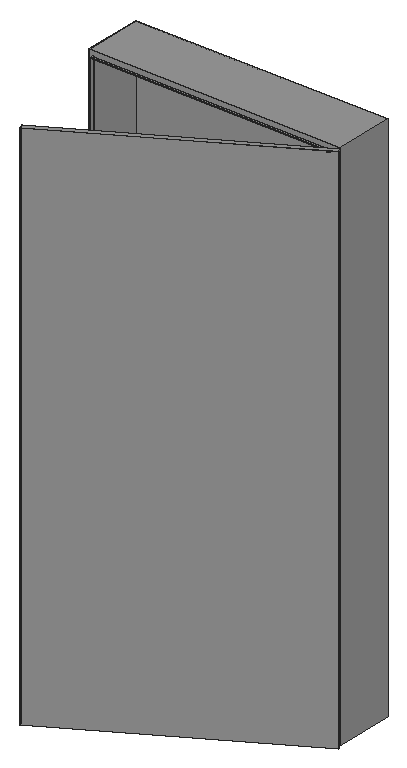
Revit family "Hager-Univers-IP44-D205-H1700-Cl.I-Encl-NoHosted-AT-de", category Equipement électrique, Revit 2020
Family settings
  Configuration du panneau = Deux colonnes, circuits au sein
  Cote de connecteur circulaire = Utiliser le diamètre
  Type d'élément = Tableau de raccordement
  Basée sur le plan de construction = Oui
  Toujours verticalement = Oui
  Couper avec des vides une fois chargée = Non
  Partagée = Non
  Point de calcul de pièce = Non
Parameters (values of type "Aufputz IP44 B800 H1700 T205  - FP13TN2")
  Width Control [instance] = if([EF000008 - Breite] > Min Width, [EF000008 - Breite], Min Width)  # 800 mm
  Commentaires du type = [HG000003 - Bereich]  # "Univers"
  Thickness Door [instance] = if([EF009171 - Materialstärke Tür/Deckel] > 3 mm, 3 mm, [EF009171 - Materialstärke Tür/Deckel])  # 1 mm
  Seal Frame Offset [instance] = 17 mm  # constant formula
  Plinth Visibility [instance] = [HG000027 - Sockelhöhe] > 0 mm  # no
  Min Width [instance] = 100 mm  # constant formula
  Min Depth [instance] = (2 * [EF009170 - Materialstärke Gehäuse]) + 1 mm  # 3 mm
  Min Height [instance] = 100 mm  # constant formula
  Internal Frame Depth [instance] = (Door System Depth * 0.5)  # 9 mm
  Panel Name [instance] = ""  # (empty or 0)
  Model = ""
  HG000027 - Sockelhöhe = 0 mm
  HG000026 - Stehend auf dem Boden = no
  HG000024 - Höhe des unteren Teils = 600 mm
  HG000023 - Gehäuse mit doppeltem Querschnitt = no
  HG000016 - 3D-Türsichtbarkeit [instance] = yes
  HG000015 - Sichtbarkeit der Türöffnung [instance] = no
  HG000014 - Tür rechts [instance] = yes
  HG000013 - Tür links [instance] = not([HG000014 - Tür rechts])  # no
  HG000012 - Türschwenkwinkel [instance] = 30.00°
  HG000010 - Asymmetrische Türen = no
  HG000009 - Doppelflügeligen Tür = no
  HG000006 - Unterputz = no
  HG000004 - Herstellerreferenz = "FP13TN2"
  HG000003 - Bereich = "Univers"
  HG000002 - Mit tür = yes
  Frame Offset Bottom [instance] = 10 mm  # constant formula
  Frame Offset [instance] = 15 mm  # constant formula
  EF015940 - Deckel mit Überdruckentlastung = no
  EF011959 - Schutzart (NEMA) = ""
  EF009554 - Anzahl der Öffnungen für Flanschplatten = 6
  EF009212 - Ausführung Deckel = "EV000116 - geschlossen"
  EF009171 - Materialstärke Tür/Deckel = 1 mm
  EF009170 - Materialstärke Gehäuse = 1 mm
  EF008873 - Nennstrom (In) = 400 A
  EF007800 - Geeignet für Blitzschutz = no
  EF006306 - Mit Schloss = no
  EF006244 - Transparenter Deckel/Tür = no
  EF005474 - Schutzart (IP) = "EV006418 - IP44"
  EF004464 - Art der Tür = "EV002646 - Einzel"
  EF004427 - Anzahl der Module = 396
  EF004293 - Schlagfestigkeit = "EV006815 - IK09"
  EF003532 - Geeignet für Außengebrauch = no
  EF002950 - Breite in Teilungseinheiten = 36
  EF001613 - Funktionserhalt = "EV000494 - ohne"
  EF001596 - Werkstoff des Gehäuses = "EV000179 - Stahl"
  EF001131 - Innentiefe = 205 mm
  EF001088 - Anbaumöglichkeit = yes
  EF000437 - Anzahl der Leitungseinführungen = 6
  EF000339 - Art der Abdeckung = "EV001012 - Deckel"
  EF000266 - Anzahl der Reihen = 11
  EF000218 - Einbautiefe = 205 mm
  EF000118 - Mit Montageplatte = no
  EF000116 - RAL-Nummer = "9010"
  EF000049 - Tiefe = 205 mm
  EF000040 - Höhe = 1700 mm
  EF000008 - Breite = 800 mm
  EF000007 - Farbe = "EV000202 - weiß"
  EF000003 - Montageart = "EV000384 - Aufputz"
  Door System Leaf Tolerance [instance] = 1.5 mm  # constant formula
  Door System Depth [instance] = 18 mm  # constant formula
  Door Height [instance] = Height Control - [HG000027 - Sockelhöhe]  # 1700 mm
  Description = ""
  Default Elevation = 1219.2 mm
  Connector Offset [instance] = Height Control / 2  # 850 mm
  Fabricant = "Hager"  # constant formula
  Height Control [instance] = if([EF000040 - Höhe] > Min Height, [EF000040 - Höhe], Min Height)  # 1700 mm
  Depth Control [instance] = if([EF000049 - Tiefe] > Min Depth, [EF000049 - Tiefe], Min Depth)  # 205 mm
  Bottom Top Plate Trim [instance] = 1.5 mm  # constant formula
  Plinth height Ctrl [instance] = if([HG000027 - Sockelhöhe] > 0 mm, [HG000027 - Sockelhöhe], 12 mm)  # 12 mm
Types (4, lengths in mm): name | Width Control | HG000010 - Asymmetrische Türen | HG000009 - Doppelflügeligen Tür | HG000004 - Herstellerreferenz | EF009554 - Anzahl der Öffnungen für Flanschplatten | EF008873 - Nennstrom (In) | EF004464 - Art der Tür | EF004427 - Anzahl der Module | EF002950 - Breite in Teilungseinheiten | EF000437 - Anzahl der Leitungseinführungen | EF000008 - Breite
  Aufputz IP44 B1050 H1700 T205  - FP14TN2 | 1050 | no | yes | "FP14TN2" | 8 | 400 A | "EV003602 - Doppel" | 528 | 48 | 8 | 1050
  Aufputz IP44 B1300 H1700 T205  - FP15TN2 | 1300 | yes | yes | "FP15TN2" | 10 | 400 A | "EV003602 - Doppel" | 660 | 60 | 10 | 1300
  Aufputz IP44 B550 H1700 T205  - FP12TN2 | 550 | no | no | "FP12TN2" | 4 | 250 A | "EV002646 - Einzel" | 264 | 24 | 4 | 550
  Aufputz IP44 B800 H1700 T205  - FP13TN2 | 800 | no | no | "FP13TN2" | 6 | 400 A | "EV002646 - Einzel" | 396 | 36 | 6 | 800
Reference planes
  plane 1 "Center (Front/Back)": y = 0
  plane 2: z = 0
  plane 3 "Center (Left/Right)": x = 0
  plane 4: y = 0
  plane 5: y = 0
  plane 6: z = 0
  plane 7: x = -400
  plane 8: x = 400
  plane 9: x = 399
  plane 10: x = -399
  plane 11: z = 0
  plane 12: z = 1
  plane 13: y = -205
  plane 14: y = -1
  plane 15: x = 0
  plane 16: y = -187
  plane 17: y = -204
  plane 18: y = -186
  plane 19: x = -384
  plane 20: x = 384
  plane 21: z = 11
  plane 22: x = -383
  plane 23: x = 383
  plane 24: z = 0
  plane 25: z = 1700
  plane 26: z = 1700
  plane 27: z = 1684
  plane 28: z = 1699
Forms (mm)
  Extrusion 1, solid, material "Hager_Steel_RAL7035_Light_Grey", detail levels medium+fine
    sketch origin (-208.679, -4572, 0) x (-1, 0, 0) y (0, -1, 0)
      loop
        line (191.321, -4385) -> (-608.679, -4385) -> (-608.679, -4572) -> (191.321, -4572) -> (191.321, -4385)
    from 0 to 1700
  Extrusion 2, void
    sketch origin (-350.771, -205, 1219.2) x (1, 0, 0) y (0, 0, 1)
      loop
        line (-48.229, 479.8) -> (-48.229, -1218.2) -> (749.771, -1218.2) -> (749.771, 479.8) -> (-48.229, 479.8)
    from -19 to -204
  Extrusion 3, void
    sketch origin (-290.084, -187, 1219.2) x (1, 0, 0) y (0, 0, 1)
      loop
        line (-93.916, -1208.2) -> (674.084, -1208.2) -> (674.084, 464.8) -> (-93.916, 464.8) -> (-93.916, -1208.2)
    from 0 to -1
  Extrusion 4, solid, material "Hager_Steel_RAL7035_Light_Grey", visible <- "Plinth Visibility", detail levels medium+fine
    sketch origin (0, 0, 0) x (1, 0, 0) y (0, 1, 0)
      loop
        line (-400, 0) -> (-400, -187) -> (400, -187) -> (400, 0) -> (-400, 0)
    from 0 to 12 <- "Plinth height Ctrl"
  Extrusion 5, solid, material "Hager_Steel_RAL7035_Light_Grey", detail levels coarse
    sketch origin (0, 0, 0) x (1, 0, 0) y (0, 1, 0)
      loop
        line (-400, 0) -> (-400, -205) -> (400, -205) -> (400, 0) -> (-400, 0)
    from 0 to 1700 <- "Height Control"
  Sweep 6, void
    path in 3D
      loop
        line (-400, -187, 12) -> (400, -187, 12) -> (400, 0, 12) -> (-400, 0, 12) -> (-400, -187, 12)
    profile origin (-400, -93.5, 12) x (1, 0, 0) y (0, 0, 1)
      loop
        line (0, 0) -> (0, -1.5) -> (1.5, -1.5)
        arc (1.5, -1.5) -> (1.061, -0.439) -> (0, 0) r 1.5
  Extrusion 7, solid, material "Hager_Steel_RAL7035_Light_Grey", detail levels fine
    sketch origin (-400, -187, 0) x (1, 0, 0) y (0, 0, 1)
      loop
        line (16, 11) -> (784, 11) -> (784, 1684) -> (16, 1684) -> (16, 11)
      loop
        line (15, 10) -> (785, 10) -> (785, 1685) -> (15, 1685) -> (15, 10)
    from 0 to 9 <- "Internal Frame Depth"
Cuts and joins
  Extrusion 2, Extrusion 3 cuts Extrusion 1
  Sweep 6 cuts Extrusion 4
Lines and regions (mm)
  Masking region 1
    outline origin (0, 0, 0) x (1, 0, 0) y (0, 1, 0)
      loop
        line (-400, 0) -> (-400, -205) -> (400, -205) -> (400, 0) -> (-400, 0)
  Masking region 2, detail levels coarse
    outline origin (-290.084, -187, 1219.2) x (-1, 0, 0) y (0, 0, 1)
      loop
        line (-690.084, -1219.2) -> (109.916, -1219.2) -> (109.916, 480.8) -> (-690.084, 480.8) -> (-690.084, -1219.2)
  Masking region 3, detail levels coarse
    outline origin (0, 0, 0) x (0, 1, 0) y (0, 0, 1)
      loop
        line (0, 0) -> (0, 1700) -> (-205, 1700) -> (-205, 0) -> (0, 0)
  Masking region 4, visible <- "Plinth Visibility", detail levels medium+fine
    outline origin (0, 0, 0) x (0, 1, 0) y (0, 0, 1)
      loop
        line (-1.5, 12) -> (-185.5, 12)
        arc (-185.5, 12) -> (-185.939, 10.939) -> (-187, 10.5) r 1.5
        line (-187, 10.5) -> (-187, 0) -> (0, 0) -> (0, 10.5)
        arc (0, 10.5) -> (-1.061, 10.939) -> (-1.5, 12) r 1.5
  Masking region 5, detail levels medium+fine
    outline origin (0, 0, 594.038) x (0, 1, 0) y (0, 0, 1)
      loop
        line (0, -594.038) -> (0, 1105.962) -> (-187, 1105.962) -> (-187, -594.038) -> (0, -594.038)
  Masking region 6, detail levels medium+fine
    outline origin (-359.7, -187, 1211.883) x (-1, 0, 0) y (0, 0, 1)
      loop
        line (-759.7, -1211.883) -> (40.3, -1211.883) -> (40.3, 488.117) -> (-759.7, 488.117) -> (-759.7, -1211.883)
  Masking region 7, visible <- "Plinth Visibility", detail levels medium+fine
    outline origin (-320.334, -187, 1041.368) x (-1, 0, 0) y (0, 0, 1)
      loop
        line (-720.334, -1041.368) -> (79.666, -1041.368) -> (79.666, -1030.868)
        arc (79.666, -1030.868) -> (78.606, -1030.429) -> (78.166, -1029.368) r 1.5
        line (78.166, -1029.368) -> (-718.834, -1029.368)
        arc (-718.834, -1029.368) -> (-719.273, -1030.429) -> (-720.334, -1030.868) r 1.5
        line (-720.334, -1030.868) -> (-720.334, -1041.368)
  sketch lines
    curve 1: line (-400, 0, 12) -> (-400, -187, 12)
    curve 2: line (-400, -187, 12) -> (400, -187, 12)
    curve 3: line (400, 0, 12) -> (-400, 0, 12)
    curve 4: line (400, -187, 12) -> (400, 0, 12)
Dimensions and locks
  locked: plane 1 "Center (Front/Back)" to plane 5
  "EF009170 - Materialstärke Gehäuse": plane 7 to plane 10
  "EF009170 - Materialstärke Gehäuse": plane 8 to plane 9
  equal spacing: plane 7, plane 3 "Center (Left/Right)", plane 8
  "Width Control": plane 7 to plane 8
  "Depth Control": plane 4 to plane 13
  "EF009170 - Materialstärke Gehäuse": plane 4 to plane 14
  "Height Control": plane 25 to level
  "HG000027 - Sockelhöhe": plane 11 to level
  "EF009170 - Materialstärke Gehäuse": plane 12 to plane 11
  "EF009170 - Materialstärke Gehäuse": plane 17 to plane 13
  "EF009170 - Materialstärke Gehäuse": plane 18 to plane 16
  "Frame Offset Bottom": plane 21 to plane 12
  "Frame Offset": plane 10 to plane 19
  "Frame Offset": plane 9 to plane 20
  "Door System Depth": plane 16 to plane 13
  "Seal Frame Offset": plane 7 to plane 22
  "Seal Frame Offset": plane 8 to plane 23
  "EF009170 - Materialstärke Gehäuse": plane 26 to plane 28
  "Frame Offset": plane 28 to plane 27
  "Connector Offset": plane 2 to connector elem
  "Bottom Top Plate Trim": profile plane to Sweep 6 sketch curve
  "Bottom Top Plate Trim": Sweep 6 sketch curve to Sweep 6 sketch curve
  "Plinth height Ctrl": Masking region 4 sketch curve to level
  "Plinth height Ctrl": Masking region 7 sketch curve to level
  "Thickness Door": Extrusion 7 sketch curve to Extrusion 7 sketch curve  (x4)
  "Bottom Top Plate Trim": radius of Sweep 6 sketch curve
  "Bottom Top Plate Trim": radius of Masking region 4 sketch curve  (x2)
  "Bottom Top Plate Trim": radius of Masking region 7 sketch curve  (x2)
  aligned and locked: Extrusion 2 sketch curve to plane 12
  aligned and locked: Extrusion 2 sketch curve to plane 9
  aligned and locked: Extrusion 2 sketch curve to plane 10
  aligned and locked: Extrusion 2 to plane 14
  aligned and locked: Extrusion 1 sketch curve to plane 4
  aligned and locked: plane 8 to Extrusion 1 sketch curve
  aligned and locked: plane 7 to Extrusion 1 sketch curve
  aligned and locked: Extrusion 2 to plane 18
  aligned and locked: Extrusion 3 sketch curve to plane 19
  aligned and locked: plane 20 to Extrusion 3 sketch curve
  aligned and locked: Extrusion 3 to Extrusion 2
  aligned and locked: Extrusion 3 sketch curve to plane 21
  aligned and locked: plane 3 "Center (Left/Right)" to nested 1
  aligned and locked: Extrusion 1 sketch curve to plane 16
  aligned and locked: Extrusion 4 sketch curve to cut or joined group of Extrusion 1, Extrusion 2, Extrusion 3
  aligned and locked: Masking region 1 sketch curve to plane 7
  aligned and locked: Masking region 1 sketch curve to plane 5
  aligned and locked: Masking region 1 sketch curve to plane 8
  aligned and locked: Masking region 2 sketch curve to level
  aligned and locked: level to Masking region 3 sketch curve
  aligned and locked: plane 1 "Center (Front/Back)" to Masking region 3 sketch curve
  aligned and locked: plane 13 to Masking region 3 sketch curve
  aligned and locked: plane 5 to Masking region 4 sketch curve
  aligned and locked: Masking region 2 sketch curve to plane 8
  aligned and locked: Masking region 2 sketch curve to plane 7
  aligned and locked: plane 7 to nested 2
  aligned and locked: nested 2 to plane 5
  aligned and locked: plane 5 to Masking region 5 sketch curve
  aligned and locked: plane 26 to Masking region 5 sketch curve
  aligned and locked: Extrusion 5 sketch curve to plane 8
  aligned and locked: Extrusion 5 sketch curve to plane 7
  aligned and locked: Extrusion 5 sketch curve to plane 5
  aligned and locked: Extrusion 3 sketch curve to plane 27
  aligned and locked: Extrusion 2 sketch curve to plane 28
  aligned and locked: Masking region 2 to plane 25
  aligned and locked: Extrusion 4 to plane 16
  aligned and locked: profile plane to Sweep 6 sketch curve
  aligned and locked: Masking region 5 sketch curve to plane 24
  aligned and locked: level to Masking region 4 sketch curve
  aligned and locked: Masking region 1 to plane 13
  aligned and locked: nested 1 to plane 16
  aligned and locked: Masking region 3 to plane 25
  aligned and locked: plane 16 to Masking region 4 sketch curve
  aligned and locked: Masking region 5 sketch curve to plane 16
  aligned and locked: plane 24 to plane 11
  aligned and locked: plane 26 to plane 25
  aligned and locked: plane 26 to cut or joined group of Extrusion 1, Extrusion 2, Extrusion 3
  aligned and locked: nested 1 to plane 24
  aligned and locked: Extrusion 1 to Extrusion 3
  aligned and locked: Masking region 6 sketch curve to plane 8
  aligned and locked: Masking region 6 sketch curve to plane 24
  aligned and locked: Masking region 6 sketch curve to plane 7
  aligned and locked: Masking region 6 sketch curve to plane 26
  aligned and locked: Masking region 7 sketch curve to plane 7
  aligned and locked: level to Masking region 7 sketch curve
  aligned and locked: Masking region 7 sketch curve to plane 8
  aligned and locked: Extrusion 7 sketch curve to cut or joined group of Extrusion 1, Extrusion 2, Extrusion 3  (x4)
Automatic sketch dimensions
  plane 19 to Extrusion 3 sketch curve = 0 mm
  Extrusion 3 sketch curve to plane 20 = 0 mm
  Extrusion 3 sketch curve to plane 21 = 0 mm
  Extrusion 4 sketch curve to plane 7 = 0 mm
  Extrusion 4 sketch curve to plane 8 = 0 mm
  Extrusion 4 sketch curve to plane 16 = 0 mm
  Masking region 1 sketch curve to plane 13 = 0 mm
  Masking region 2 sketch curve to plane 25 = 0 mm
  Masking region 3 sketch curve to plane 25 = 0 mm
  Extrusion 5 sketch curve to plane 13 = 0 mm
  profile plane to Sweep 6 sketch curve = 0 mm
Nested families
  nested 1: "EC000058_Univers_Door" at (0, -187, 0), Double <- "HG000009 - Doppelflügeligen Tür", Transparent <- "EF006244 - Transparenter Deckel/Tür", Angle <- "HG000012 - Türschwenkwinkel", Door_Right <- "HG000014 - Tür rechts", Assymetrical <- "HG000010 - Asymmetrische Türen", Door <- "HG000002 - Mit tür", Width_Ctrl <- "Width Control", 3d_Door <- "HG000016 - 3D-Türsichtbarkeit", Clearance <- "HG000015 - Sichtbarkeit der Türöffnung", Door_Left <- "HG000013 - Tür links", Width <- "Width Control", Door_Depth <- "Door System Depth", Leaf_Tolerance <- "Door System Leaf Tolerance", Height <- "Door Height", Lock_Visibility <- "EF006306 - Mit Schloss", Thickness <- "Thickness Door", type "EC000058_Univers_Door", detail levels medium+fine
    with min_wh 3 mm, Width_Ctrl 800 mm, Width 800 mm, Transparent no, Thickness 1 mm, Seal_Material Hager_Rubber, Lock_Visibility no, Lock_Material Hager_Plastic_RAL9005_Jet_Black, Leaf_Width 800 mm, Leaf_Tolerance_External_Sides 0 mm, Leaf_Tolerance 1.5 mm, Leaf_Offset 0 mm, Leaf_Height 1697 mm, Leaf_2_Width 800 mm, Leaf_2_Offset 400 mm, Leaf_1_Width 800 mm, Leaf_1_Offset 400 mm, Height_Ctrl 1700 mm, Height 1700 mm, Glass_Material Hager_Glass, Double_Clearance_Ctrl no, Double no, Door_Right_Ctrl yes, Door_Right yes, Door_Material Hager_Steel_RAL7035_Light_Grey, Door_Left_Ctrl no, Door_Left no, Door_Depth 18 mm, Door yes, Clearance_Material Hager_Clearance, Clearance_Depth 800 mm, Clearance_Ctrl no, Clearance no, Assymetrical no, Angle 30.00°, 3d_Door yes
  nested 2: "Hager_Enclosure_Symbol" at (-400, 0, 0), Height <- "Depth Control", Width <- "Width Control", type "Hager_Enclosure_Symbol"
    with Width_Ctrl 800 mm, Width 800 mm, Height_Ctrl 205 mm, Height 205 mm, A_Width_Int 13.453 mm, A_Width 161.438 mm, A_Height_Ctrl 179.375 mm, A_Height 179.375 mm
Connectors
  electrical at (0, 0, 850)
    settings: on plane 1 "Center (Front/Back)", index 1, voltage 0 V, apparent load 0 VA, apparent load phase1 0 VA, apparent load phase2 0 VA, apparent load phase3 0 VA, power factor 1, load classification "Other", number of poles 1, system type 30, power factor state 1, is connector primary yes, connector utility no, sub classification motor no, connector description ""
Definition of nested family "EC000058_Univers_Door"
  Parameters (values of type "EC000058_Univers_Door")
    min_wh [instance] = (2 * Thickness) + 1 mm  # 11 mm
    Width_Ctrl [instance] = 400 mm
    Width [instance] = 500 mm
    Transparent [instance] = yes
    Thickness [instance] = 5 mm
    Seal_Material [instance] = none
    Lock_Visibility [instance] = yes
    Lock_Material [instance] = none
    Leaf_Width [instance] = if((Width_Ctrl - 2 * Leaf_Tolerance_External_Sides) > 0 mm, (Width_Ctrl - 2 * Leaf_Tolerance_External_Sides), min_wh)  # 400 mm
    Leaf_Tolerance_External_Sides [instance] = 0 mm  # constant formula
    Leaf_Tolerance [instance] = 1.5 mm
    Leaf_Offset [instance] = 0 mm  # constant formula
    Leaf_Height [instance] = if((Height_Ctrl - 2 * Leaf_Tolerance) > 0 mm, (Height_Ctrl - 2 * Leaf_Tolerance), min_wh)  # 497 mm
    Leaf_2_Width [instance] = if(and(and(Double, Assymetrical), Door_Left), (Leaf_Width / 3) - (Leaf_Tolerance / 2), if(and(and(Double, Assymetrical), Door_Right), (Leaf_Width / 3) * 2 - (Leaf_Tolerance / 2), if(and(Double, not(Assymetrical)), (Leaf_Width / 2) - Leaf_Tolerance, Leaf_Width)))  # 400 mm
    Leaf_2_Offset [instance] = if(and(Double, Assymetrical), Leaf_2_Width / 2, if(and(Double, not(Assymetrical)), Leaf_Width / 4, Leaf_Width / 2))  # 200 mm
    Leaf_1_Width [instance] = if(and(and(Double, Assymetrical), Door_Right), (Leaf_Width / 3) - (Leaf_Tolerance / 2), if(and(and(Double, Assymetrical), Door_Left), (Width / 3) * 2 - (Leaf_Tolerance / 2), if(and(Double, not(Assymetrical)), (Leaf_Width / 2) - Leaf_Tolerance, Leaf_Width)))  # 400 mm
    Leaf_1_Offset [instance] = if(and(Double, Assymetrical), Leaf_1_Width / 2, if(and(Double, not(Assymetrical)), Leaf_Width / 4, Leaf_Width / 2))  # 200 mm
    Height_Ctrl [instance] = if(Height > min_wh, Height, min_wh)  # 500 mm
    Height [instance] = 500 mm
    Glass_Material [instance] = none
    Double_Clearance_Ctrl [instance] = and(Double, Clearance)  # no
    Double [instance] = no
    Door_Right_Ctrl [instance] = and(or(Door_Right, Double), Door)  # yes
    Door_Right [instance] = yes
    Door_Material [instance] = none
    Door_Left_Ctrl [instance] = and(or(Door_Left, Double), Door)  # no
    Door_Left [instance] = no
    Door_Depth [instance] = 30 mm
    Door [instance] = yes
    Default Elevation = 1219.2 mm
    Clearance_Material [instance] = none
    Clearance_Depth [instance] = if(Leaf_1_Width > Leaf_2_Width, Leaf_1_Width, Leaf_2_Width)  # 400 mm
    Clearance_Ctrl [instance] = and(not(Double), Clearance)  # yes
    Clearance [instance] = yes
    Assymetrical [instance] = yes
    Angle [instance] = 30.00°
    3d_Door [instance] = yes
  Reference planes
    plane 1 "Center (Front/Back)": y = 0
    plane 2 "Bottom": z = 0
    plane 3 "Center (Left/Right)": x = 0
    plane 4: z = 500
    plane 5: x = -200
    plane 6: x = 200
    plane 7: z = 500
    plane 8: x = -200
    plane 9: z = 0
    plane 10: x = 200
    plane 11: y = 0
    plane 12: z = 1.5
    plane 13: x = -600
    plane 14: y = -400
    plane 15: x = 600
    plane 16: x = 0
    plane 17: x = 0
    plane 18: x = -200
    plane 19: x = 200
    plane 20: z = 498.5
  Forms (mm)
    Extrusion 1, solid, material <- "Clearance_Material", visible <- "Double_Clearance_Ctrl"
      sketch origin (1200, 0, 0) x (1, 0, 0) y (0, 0, -1)
        loop
          line (-1800, -498.5) -> (-600, -498.5) -> (-600, 0) -> (-1800, 0) -> (-1800, -498.5)
      from 0 to -400
  Dimensions and locks
    equal spacing: plane 5, plane 3 "Center (Left/Right)", plane 6
    "Width_Ctrl": plane 5 to plane 6
    "Leaf_Offset": plane 5 to plane 8
    "Leaf_Offset": plane 6 to plane 10
    "Leaf_Offset": plane 9 to level
    "Leaf_Offset": plane 4 to plane 7
    "Height_Ctrl": plane 4 to level
    "Leaf_Tolerance": plane 12 to plane 9
    locked: plane 11 to plane 1 "Center (Front/Back)"
    "Leaf_1_Offset": plane 18 to plane 16
    "Leaf_2_Offset": plane 17 to plane 19
    "Leaf_1_Width": plane 13 to plane 8
    "Leaf_2_Width": plane 10 to plane 15
    "Clearance_Depth": plane 14 to plane 1 "Center (Front/Back)"
    "Leaf_Tolerance_External_Sides": plane 8 to plane 18
    "Leaf_Tolerance_External_Sides": plane 19 to plane 10
    "Leaf_Tolerance": plane 7 to plane 20
    aligned and locked: level to plane 2 "Bottom"
    aligned and locked: nested 1 to plane 16
    aligned and locked: nested 2 to plane 17
    aligned and locked: Extrusion 1 to plane 13
    aligned and locked: plane 15 to Extrusion 1
    aligned and locked: Extrusion 1 to plane 14
    aligned and locked: plane 12 to nested 1
    aligned and locked: nested 2 to plane 12
    aligned and locked: Extrusion 1 to plane 11
    aligned and locked: plane 20 to Extrusion 1
    aligned and locked: nested 2 to plane 11
    aligned and locked: nested 1 to plane 11
  Automatic sketch dimensions
    Extrusion 1 sketch curve to level = 0 mm
    plane 5 to Extrusion 1 sketch curve = 400 mm
    plane 6 to Extrusion 1 sketch curve = 400 mm
    Extrusion 1 sketch curve to plane 4 = 1.5 mm
  Nested families
    nested 1: "EC000058_Univers_Door_Leaf" at (0, 0, 1.5), Width <- "Leaf_1_Width", visible <- "Door_Left_Ctrl", Leaf_Height <- "Leaf_Height", Angle <- "Angle", 3d_Door <- "3d_Door", Transparent <- "Transparent", Clearance Material <- "Clearance_Material", Clearance <- "Clearance_Ctrl", Door_Material <- "Door_Material", Glass_Material <- "Glass_Material", Door_Depth <- "Door_Depth", Lock_Material <- "Lock_Material", Seal_Material <- "Seal_Material", Lock_Visibility <- "Lock_Visibility", Thickness <- "Thickness", type "EC000058_Univers_Door_Leaf"
      with Width 400 mm, Transparent_Glass_Offset 30 mm, Transparent_Ctrl yes, Transparent yes, Thickness 5 mm, Standard no, Seal_Material none, Seal_D2 8 mm, Seal_D1 1 mm, Offset_Internal_Frame 10 mm, Lock_Width 20 mm, Lock_Visibility_3d yes, Lock_Visibility yes, Lock_Thickness_3 3 mm, Lock_Thickness_2 1 mm, Lock_Thickness_1 3 mm, Lock_Radius_Offset_2 16 mm, Lock_Radius_Offset_1 15 mm, Lock_Radius_2 5 mm, Lock_Radius 6 mm, Lock_Offset 5 mm, Lock_Material none, Lock_Height 80 mm, Lock_Cover_Top_Offset_2d 17 mm, Lock_Cover_Height -65 mm, Leaf_Height 497 mm, Internal_Seal_Thickness 8 mm, Internal_Seal_Depth_2 4.5 mm, Internal_Frame_Depth 25 mm, Glass_Thickness -1 mm, Glass_Offset -2 mm, Glass_Material none, Door_Material none, Door_Depth 30 mm, Clearance Material none, Clearance yes, Angle_Ctrl 30.00°, Angle 30.00°, 3d_Door yes
    nested 2: "EC000058_Univers_Door_Leaf" at (0, 0, 1.5) x (-1, 0, 0) z (0, 0, 1), Width <- "Leaf_2_Width", visible <- "Door_Right_Ctrl", Leaf_Height <- "Leaf_Height", Angle <- "Angle", 3d_Door <- "3d_Door", Transparent <- "Transparent", Clearance Material <- "Clearance_Material", Clearance <- "Clearance_Ctrl", Door_Material <- "Door_Material", Glass_Material <- "Glass_Material", Door_Depth <- "Door_Depth", Lock_Material <- "Lock_Material", Seal_Material <- "Seal_Material", Lock_Visibility <- "Lock_Visibility", Thickness <- "Thickness", type "EC000058_Univers_Door_Leaf"
      with Width 400 mm, Transparent_Glass_Offset 30 mm, Transparent_Ctrl yes, Transparent yes, Thickness 5 mm, Standard no, Seal_Material none, Seal_D2 8 mm, Seal_D1 1 mm, Offset_Internal_Frame 10 mm, Lock_Width 20 mm, Lock_Visibility_3d yes, Lock_Visibility yes, Lock_Thickness_3 3 mm, Lock_Thickness_2 1 mm, Lock_Thickness_1 3 mm, Lock_Radius_Offset_2 16 mm, Lock_Radius_Offset_1 15 mm, Lock_Radius_2 5 mm, Lock_Radius 6 mm, Lock_Offset 5 mm, Lock_Material none, Lock_Height 80 mm, Lock_Cover_Top_Offset_2d 17 mm, Lock_Cover_Height -65 mm, Leaf_Height 497 mm, Internal_Seal_Thickness 8 mm, Internal_Seal_Depth_2 4.5 mm, Internal_Frame_Depth 25 mm, Glass_Thickness -1 mm, Glass_Offset -2 mm, Glass_Material none, Door_Material none, Door_Depth 30 mm, Clearance Material none, Clearance yes, Angle_Ctrl 30.00°, Angle 30.00°, 3d_Door yes
  Definition of nested family "EC000058_Univers_Door_Leaf"
    Parameters (values of type "EC000058_Univers_Door_Leaf")
      Width [instance] = 2000 mm
      Transparent_Glass_Offset [instance] = 30 mm
      Transparent_Ctrl [instance] = and(Transparent, [3d_Door])  # yes
      Transparent [instance] = yes
      Thickness [instance] = 5 mm
      Standard [instance] = and(not(Transparent), [3d_Door])  # no
      Seal_Material [instance] = none
      Seal_D2 [instance] = 8 mm  # constant formula
      Seal_D1 [instance] = 1 mm  # constant formula
      Offset_Internal_Frame [instance] = 10 mm  # constant formula
      Lock_Width [instance] = 20 mm  # constant formula
      Lock_Visibility_3d [instance] = and(Lock_Visibility, [3d_Door])  # yes
      Lock_Visibility [instance] = yes
      Lock_Thickness_3 [instance] = 3 mm  # constant formula
      Lock_Thickness_2 [instance] = 1 mm  # constant formula
      Lock_Thickness_1 [instance] = 3 mm  # constant formula
      Lock_Radius_Offset_2 [instance] = Lock_Radius_Offset_1 + 1 mm  # 16 mm
      Lock_Radius_Offset_1 [instance] = 15 mm  # constant formula
      Lock_Radius_2 [instance] = Lock_Radius - 1 mm  # 5 mm
      Lock_Radius [instance] = 6 mm  # constant formula
      Lock_Offset [instance] = 5 mm  # constant formula
      Lock_Material [instance] = none
      Lock_Height [instance] = 80 mm  # constant formula
      Lock_Cover_Top_Offset_2d [instance] = Lock_Radius_Offset_2 + 1 mm  # 17 mm
      Lock_Cover_Height [instance] = -(Lock_Height - Lock_Radius_Offset_1)  # -65 mm
      Leaf_Height [instance] = 2720.336 mm
      Internal_Seal_Thickness [instance] = 8 mm  # constant formula
      Internal_Seal_Depth_2 [instance] = 4.5 mm  # constant formula
      Internal_Frame_Depth [instance] = if(Door_Depth - Thickness > 5 mm, Door_Depth - Thickness, 5 mm)  # 25 mm
      Glass_Thickness [instance] = if(Thickness > 15 mm, Glass_Offset + 10 mm, -1 mm)  # -1 mm
      Glass_Offset [instance] = if(Thickness > 15 mm, -(Thickness + 10 mm) / 2, -2 mm)  # -2 mm
      Glass_Material [instance] = none
      Door_Material [instance] = none
      Door_Depth [instance] = 30 mm
      Default Elevation = 0 mm
      Clearance Material [instance] = none
      Clearance [instance] = yes
      Angle_Ctrl [instance] = if(Angle > 180.00°, 180.00°, Angle)  # 90.00°
      Angle [instance] = 90.00°
      3d_Door [instance] = yes
    Reference planes
      plane 1 "Center (Front/Back)": y = 0
      plane 2: z = 0
      plane 3 "Center (Left/Right)": x = 0
      plane 4: y = 2000
      plane 5: x = -1000
      plane 6: x = 1000
      plane 7: x = -3000
      plane 8: z = 2720.336
      plane 9: z = 30
      plane 10: z = 2690.336
      plane 11: x = 970
      plane 12: x = -970
      plane 13: y = -3
      plane 14: z = 107.833
      plane 15: y = -5
      plane 16: y = -223.314
      plane 17: x = -1000
      plane 18: z = 1360.168
      plane 19: y = 30
    Forms (mm)
      Extrusion 1, solid, material <- "Clearance Material", visible <- "Clearance"
        sketch origin (0, 0, 0) x (1, 0, 0) y (0, 0, 1)
          loop
            line (-3000, 2720.336) -> (-3000, 0) -> (1000, 0) -> (1000, 2720.336) -> (-3000, 2720.336)
        from 0 to -2000
      Extrusion 2, solid, material <- "Door_Material", visible <- "Standard", detail levels medium+fine
        sketch origin (-1000, 0, 0) x (0, 1, 0) y (-1, 0, 0)
          loop
            line (0, 30) -> (0, 25) -> (2000, 25) -> (2000, 30) -> (0, 30)
        from 0 to 2720.336 <- "Leaf_Height"
      Extrusion 3, solid, material <- "Door_Material", visible <- "Transparent_Ctrl", detail levels medium+fine
        sketch origin (-1000, 0, 0) x (0, 1, 0) y (-1, 0, 0)
          loop
            line (0, 25) -> (2000, 25) -> (2000, 30) -> (0, 30) -> (0, 25)
        from 0 to 2720.336 <- "Leaf_Height"
      Extrusion 4, void
        sketch origin (-1025, 2000, 0) x (0, 1, 0) y (0, 0, -1)
          loop
            line (-30, -2690.336) -> (-30, -30) -> (-1970, -30) -> (-1970, -2690.336) -> (-30, -2690.336)
        from 0 to 5 <- "Thickness"
      Sweep 5, solid, material <- "Seal_Material", visible <- "Transparent_Ctrl", detail levels fine
        path in 3D
          loop
            line (-1025, 30, 30) -> (-1025, 30, 2690.336) -> (-1025, 1970, 2690.336) -> (-1025, 1970, 30) -> (-1025, 30, 30)
        profile origin (-1025, 1000, 30) x (1, 0, 0) y (0, 0, 1)
          loop
            line (0, 0) -> (0, -8) -> (1, -8) -> (1, 0) -> (0, 0)
      Extrusion 6, solid, material <- "Glass_Material", visible <- "Transparent_Ctrl", detail levels medium+fine
        sketch origin (-1030, 0, 0) x (0, 1, 0) y (0, 0, -1)
          loop
            line (1970, -2690.336) -> (1970, -30) -> (30, -30) -> (30, -2690.336) -> (1970, -2690.336)
        from -2 <- "Glass_Offset" to -1 <- "Glass_Thickness"
      Extrusion 7, solid, material <- "Door_Material", visible <- "3d_Door", detail levels medium+fine
        sketch origin (-1025, 2000, 0) x (0, -1, 0) y (0, 0, -1)
          loop
            line (0, -2720.336) -> (2000, -2720.336) -> (2000, 0) -> (0, 0) -> (0, -2720.336)
          loop
            line (1995, -5) -> (5, -5) -> (5, -2715.336) -> (1995, -2715.336) -> (1995, -5)
        from 0 to 25 <- "Internal_Frame_Depth"
      Sweep 8, solid, material <- "Seal_Material", visible <- "Transparent_Ctrl", detail levels fine
        path in 3D
          loop
            line (-1025, 0, 0) -> (-1025, 2000, 0) -> (-1025, 2000, 2720.336) -> (-1025, 0, 2720.336) -> (-1025, 0, 0)
        profile origin (-1025, 0, 1360.168) x (1, 0, 0) y (0, 1, 0)
          loop
            line (0, 10) -> (2.975, 10)
            arc (2.975, 10) -> (4.053, 10.447) -> (4.5, 11.525) r 1.525
            line (4.5, 11.525) -> (4.5, 16.527)
            arc (4.5, 16.527) -> (4.069, 17.569) -> (3.027, 18) r 1.473
            line (3.027, 18) -> (0, 18) -> (0, 10)
      Extrusion 9, solid, material <- "Lock_Material", visible <- "Lock_Visibility_3d", detail levels fine
        sketch origin (-1030, 0, 0) x (0, 1, 0) y (0, 0, -1)
          loop
            arc (1993.5, -1400.168) -> (1994.561, -1399.729) -> (1995, -1398.668) r 1.5
            line (1995, -1398.668) -> (1995, -1320.168) -> (1975, -1320.168) -> (1975, -1398.668)
            arc (1975, -1398.668) -> (1975.439, -1399.729) -> (1976.5, -1400.168) r 1.5
            line (1976.5, -1400.168) -> (1993.5, -1400.168)
        from 3 <- "Lock_Thickness_1" to 0
      Blend 10, solid, material <- "Lock_Material", visible <- "Lock_Visibility_3d", detail levels fine
        base sketch origin (-1033, 0, 0) x (0, 1, 0) y (0, 0, -1)
          loop
            line (1975, -1320.168) -> (1975, -1398.668)
            arc (1975, -1398.668) -> (1975.439, -1399.729) -> (1976.5, -1400.168) r 1.5
            line (1976.5, -1400.168) -> (1993.5, -1400.168)
            arc (1993.5, -1400.168) -> (1994.561, -1399.729) -> (1995, -1398.668) r 1.5
            line (1995, -1398.668) -> (1995, -1320.168) -> (1975, -1320.168)
        top sketch origin (-1033, 0, 0) x (0, 1, 0) y (0, 0, -1)
          loop
            line (1976, -1320.168) -> (1976, -1398.668)
            arc (1976, -1398.668) -> (1976.146, -1399.022) -> (1976.5, -1399.168) r 0.5
            line (1976.5, -1399.168) -> (1993.5, -1399.168)
            arc (1993.5, -1399.168) -> (1993.854, -1399.022) -> (1994, -1398.668) r 0.5
            line (1994, -1398.668) -> (1994, -1320.168) -> (1976, -1320.168)
        from 0 to 1 <- "Lock_Thickness_2"
      Blend 11, solid, material <- "Lock_Material", visible <- "Lock_Visibility_3d", detail levels fine
        base sketch origin (-1034, 0, 0) x (0, 1, 0) y (0, 0, -1)
          loop
            line (1978, -1320.168) -> (1978, -1384.168)
            arc (1978, -1384.168) -> (1985, -1391.168) -> (1992, -1384.168) r 7
            line (1992, -1384.168) -> (1992, -1320.168) -> (1978, -1320.168)
        top sketch origin (-1034, 0, 0) x (0, 1, 0) y (0, 0, -1)
          loop
            line (1991, -1320.168) -> (1979, -1320.168) -> (1979, -1383.168)
            arc (1979, -1383.168) -> (1985, -1389.168) -> (1991, -1383.168) r 6
            line (1991, -1383.168) -> (1991, -1320.168)
        from 0 to 3 <- "Lock_Thickness_3"
      Extrusion 12, solid, material <- "Lock_Material", visible <- "Lock_Visibility_3d", detail levels fine
        sketch origin (-1030, 1975, 1320.168) x (1, 0, 0) y (0, -1, 0)
          loop
            line (-7, -19) -> (-7, -1) -> (0, -1) -> (0, 0) -> (-8, 0) -> (-8, -20) -> (0, -20) -> (0, -19) -> (-7, -19)
        from 0 to -65 <- "Lock_Cover_Height"
      Extrusion 13, void
        sketch origin (-1038, 1995, 1320.168) x (-1, 0, 0) y (0, 0, -1)
          loop
            line (-5, -65) -> (0, -65) -> (-5, -60) -> (-5, -65)
        from 0 to 20 <- "Lock_Width"
      Extrusion 14, void
        sketch origin (-1038, 1975, 1320.168) x (0, -1, 0) y (0, 0, -1)
          loop
            circle (-10, -15.995) r 6
          loop
            circle (-10, -15.995) r 5
        from 0 to 2
      Extrusion 15, solid, material <- "Lock_Material", visible <- "Lock_Visibility_3d", detail levels medium
        sketch origin (-1030, 0, 0) x (0, 1, 0) y (0, 0, -1)
          loop
            arc (1993.5, -1400.168) -> (1994.561, -1399.729) -> (1995, -1398.668) r 1.5
            line (1995, -1398.668) -> (1995, -1320.168) -> (1975, -1320.168) -> (1975, -1398.668)
            arc (1975, -1398.668) -> (1975.439, -1399.729) -> (1976.5, -1400.168) r 1.5
            line (1976.5, -1400.168) -> (1993.5, -1400.168)
        from 8 to 0
    Cuts and joins
      Extrusion 4 cuts Extrusion 3
      Extrusion 13, Extrusion 14 cuts Extrusion 9
      Extrusion 14 cuts Blend 11
      Extrusion 13, Extrusion 14 cuts Extrusion 12
      joined: Extrusion 9, Blend 10, Blend 11, Extrusion 12
      Extrusion 14 cuts Extrusion 15
    Lines and regions (mm)
      Masking region 1, visible <- "Lock_Visibility", detail levels fine
        outline origin (0, 0, 0) x (0, 1, 0) y (0, 0, 1)
          loop
            line (30, 1320.168) -> (33, 1320.168) -> (33, 1400.168) -> (30, 1400.168) -> (30, 1320.168)
      Masking region 2, visible <- "Lock_Visibility", detail levels fine
        outline origin (0, 3.143, 0) x (0, 1, 0) y (0, 0, 1)
          loop
            line (29.857, 1354.168) -> (30.857, 1354.168) -> (30.857, 1366.168) -> (29.857, 1366.168) -> (29.857, 1354.168)
      Masking region 3, detail levels medium+fine
        outline origin (0, 0, 0) x (0, 1, 0) y (0, 0, 1)
          loop
            line (0, 0) -> (30, 0) -> (30, 2720.336) -> (0, 2720.336) -> (0, 0)
      Masking region 4, detail levels medium+fine
        outline origin (0, 0, 0) x (1, 0, 0) y (0, 0, 1)
          loop
            line (-1000, 2720.336) -> (-1000, 0) -> (1000, 0) -> (1000, 2720.336) -> (-1000, 2720.336)
      Masking region 5, visible <- "Lock_Visibility", detail levels fine
        outline origin (-47.116, 0, 0) x (1, 0, 0) y (0, 0, 1)
          loop
            arc (1024.616, 1399.168) -> (1023.556, 1398.729) -> (1023.116, 1397.668) r 1.5
            line (1023.116, 1397.668) -> (1023.116, 1320.168) -> (1041.116, 1320.168) -> (1041.116, 1397.668)
            arc (1041.116, 1397.668) -> (1040.677, 1398.729) -> (1039.616, 1399.168) r 1.5
            line (1039.616, 1399.168) -> (1024.616, 1399.168)
      Masking region 6, visible <- "Lock_Visibility", detail levels medium+fine
        outline origin (-25, 0, 0) x (1, 0, 0) y (0, 0, 1)
          loop
            arc (1001.5, 1400.168) -> (1000.439, 1399.729) -> (1000, 1398.668) r 1.5
            line (1000, 1398.668) -> (1000, 1320.168) -> (1020, 1320.168) -> (1020, 1398.668)
            arc (1020, 1398.668) -> (1019.561, 1399.729) -> (1018.5, 1400.168) r 1.5
            line (1018.5, 1400.168) -> (1001.5, 1400.168)
      Masking region 7, visible <- "Lock_Visibility", detail levels fine
        outline origin (-73.735, 0, 0) x (1, 0, 0) y (0, 0, 1)
          loop
            line (1051.735, 1382.168) -> (1065.735, 1382.168) -> (1065.735, 1384.168)
            arc (1065.735, 1384.168) -> (1058.735, 1391.168) -> (1051.735, 1384.168) r 7
            line (1051.735, 1384.168) -> (1051.735, 1382.168)
      Masking region 8, visible <- "Lock_Visibility", detail levels fine
        outline origin (-73.735, 0, 0) x (1, 0, 0) y (0, 0, 1)
          loop
            line (1052.735, 1382.168) -> (1064.735, 1382.168) -> (1064.735, 1383.168)
            arc (1064.735, 1383.168) -> (1058.735, 1389.168) -> (1052.735, 1383.168) r 6
            line (1052.735, 1383.168) -> (1052.735, 1382.168)
      Masking region 9, visible <- "Lock_Visibility", detail levels fine
        outline origin (-25, 0, 0) x (1, 0, 0) y (0, 0, 1)
          loop
            line (1020, 1320.168) -> (1020, 1382.168) -> (1000, 1382.168) -> (1000, 1320.168) -> (1020, 1320.168)
      Masking region 10, detail levels medium+fine
        outline origin (0, 0, 0) x (1, 0, 0) y (0, 0, 1)
          loop
            circle (985, 1335.144) r 6
      Masking region 11, detail levels fine
        outline origin (0, 0, 0) x (1, 0, 0) y (0, 0, 1)
          loop
            circle (985, 1335.144) r 5
      Masking region 12, visible <- "Lock_Visibility", detail levels fine
        outline origin (0, 12.767, 0) x (0, 1, 0) y (0, 0, 1)
          loop
            line (20.233, 1320.168) -> (21.233, 1320.168) -> (21.233, 1399.168) -> (20.233, 1400.168) -> (20.233, 1320.168)
      Masking region 13, visible <- "Lock_Visibility", detail levels fine
        outline origin (0, 13.767, -10) x (0, 1, 0) y (0, 0, 1)
          loop
            line (20.233, 1330.168) -> (23.233, 1330.168) -> (23.233, 1399.168) -> (20.233, 1402.168) -> (20.233, 1330.168)
      Masking region 14, visible <- "Lock_Visibility", detail levels fine
        outline origin (0, 12.767, -10) x (0, 1, 0) y (0, 0, 1)
          loop
            line (20.233, 1330.168) -> (25.233, 1330.168) -> (25.233, 1399.305) -> (20.233, 1394.305) -> (20.233, 1330.168)
      Masking region 15, visible <- "Lock_Visibility", detail levels medium
        outline origin (0, 0, 0) x (0, 1, 0) y (0, 0, 1)
          loop
            line (30, 1320.168) -> (38, 1320.168) -> (38, 1400.168) -> (30, 1400.168) -> (30, 1320.168)
      Masking region 16, visible <- "Lock_Visibility", detail levels fine
        outline origin (-1000, 0, 0) x (0, 1, 0) y (-1, 0, 0)
          loop
            line (1975, 30) -> (1995, 30) -> (1995, 38) -> (1975, 38) -> (1975, 30)
          loop
            line (1979, 37) -> (1976, 37) -> (1976, 34) -> (1978, 34) -> (1979, 37)
          loop
            line (1994, 37) -> (1991, 37) -> (1992, 34) -> (1994, 34) -> (1994, 37)
      Masking region 17, visible <- "Lock_Visibility", detail levels medium
        outline origin (-1000, 0, 0) x (0, 1, 0) y (-1, 0, 0)
          loop
            line (1975, 30) -> (1995, 30) -> (1995, 38) -> (1975, 38) -> (1975, 30)
      symbolic lines
        curve 1: line (1000, 0, 0) -> (-3000, 0, 0)
        curve 2: arc (1000, 0, 0) -> (-1000, 2000, 0) -> (-3000, 0, 0) r 2000
        curve 4: line (-1030, 0, 0) -> (-1030, 2000, 0)
      reference lines
        curve 3: line (-1000, 0, 0) -> (-1000, 2000, 0)
      symbolic lines, detail levels medium+fine
        curve 5: line (-1030, 2000, 0) -> (-1025, 2000, 0)
        curve 7: line (-1025, 0, 0) -> (-1030, 0, 0)
        curve 8: line (-1025, 0, 0) -> (-1000, 0, 0)
        curve 9: line (-1000, 0, 0) -> (-1000, 2000, 0)
        curve 10: line (-1000, 2000, 0) -> (-1025, 2000, 0)
      symbolic lines, detail levels fine
        curve 6: line (-1025, 2000, 0) -> (-1025, 0, 0)
      sketch lines
        curve 11: line (-1025, 0, 2720.336) -> (-1025, 0, 0)
        curve 12: line (-1025, 2000, 0) -> (-1025, 0, 0)
        curve 13: line (-1025, 2000, 2720.336) -> (-1025, 2000, 0)
        curve 14: line (-1025, 0, 2720.336) -> (-1025, 2000, 2720.336)
        curve 15: line (-1025, 1970, 30) -> (-1025, 30, 30)
        curve 16: line (-1025, 30, 30) -> (-1025, 30, 2690.336)
        curve 17: line (-1025, 1970, 2690.336) -> (-1025, 1970, 30)
        curve 18: line (-1025, 30, 2690.336) -> (-1025, 1970, 2690.336)
      symbolic lines, visible <- "Transparent", detail levels medium+fine
        curve 19: line (-970, 0, 2690.336) -> (970, 0, 2690.336)
        curve 20: line (-970, 0, 30) -> (-970, 0, 2690.336)
        curve 21: line (970, 0, 30) -> (-970, 0, 30)
        curve 22: line (970, 0, 2690.336) -> (970, 0, 30)
    Dimensions and locks
      "Width": plane 1 "Center (Front/Back)" to plane 4
      equal spacing: plane 5, plane 3 "Center (Left/Right)", plane 6
      "Width": plane 5 to plane 6
      "Width": plane 7 to plane 5
      "Leaf_Height": plane 8 to level
      "Width": curve 5 to curve 3
      "Width": curve 3 to curve 3
      plane 8 to plane 10 = 30 mm
      plane 9 to level = 30 mm
      plane 12 to plane 5 = 30 mm
      plane 6 to plane 11 = 30 mm
      Extrusion 1 to Extrusion 4 sketch curve = 30 mm
      "Transparent_Glass_Offset": curve 3 to Extrusion 4 sketch curve
      "Transparent_Glass_Offset": Extrusion 4 sketch curve to cut or joined group of Extrusion 3, Extrusion 4  (x2)
      cut or joined group of Extrusion 3, Extrusion 4 to Extrusion 6 sketch curve = 30 mm
      "Transparent_Glass_Offset": cut or joined group of Extrusion 3, Extrusion 4 to Extrusion 4 sketch curve
      "Thickness": curve 6 to curve 4
      "Thickness": Extrusion 7 sketch curve to Extrusion 7 sketch curve  (x4)
      "Door_Depth": curve 4 to curve 3
      "Offset_Internal_Frame": profile plane to Sweep 8 sketch curve
      "Internal_Seal_Thickness": Sweep 8 sketch curve to Sweep 8 sketch curve
      "Internal_Seal_Depth_2": profile plane to Sweep 8 sketch curve
      "Seal_D1": profile plane to Sweep 5 sketch curve
      "Seal_D2": profile plane to Sweep 5 sketch curve
      "Thickness": Extrusion 2 sketch curve to Extrusion 2 sketch curve
      equal spacing: Extrusion 9 sketch curve, plane 18, Extrusion 9 sketch curve  (x2)
      equal spacing: Masking region 1 sketch curve, plane 18, Masking region 1 sketch curve
      "Lock_Height": Masking region 1 sketch curve to Masking region 1 sketch curve
      "Lock_Radius": Masking region 2 sketch curve to plane 18 to Masking region 2 sketch curve
      Masking region 2 sketch curve to Masking region 1 = 1 mm
      "Door_Depth": plane 19 to plane 1 "Center (Front/Back)"
      "Lock_Thickness_1": Masking region 1 sketch curve to plane 19
      "Lock_Width": Extrusion 9 sketch curve to Extrusion 9 sketch curve
      "Lock_Height": Extrusion 9 sketch curve to Extrusion 9 sketch curve
      "Lock_Offset": cut or joined group of Extrusion 3, Extrusion 4 to Extrusion 9 sketch curve
      equal spacing: plane 8, plane 18, level
      "Lock_Radius_Offset_1": Blend 11 sketch curve to Blend 10
      locked: Blend 10 to Blend 11 sketch curve at 2  (x2)
      locked: var sketch to Blend 11 sketch curve at 1  (x2)
      "Lock_Radius_Offset_2": Blend 11 sketch curve to Blend 10
      locked: Extrusion 12 sketch curve to Extrusion 12 sketch curve at 1  (x3)
      Masking region 6 sketch curve to Masking region 6 sketch curve = 80 mm
      "Lock_Height": Masking region 6 sketch curve to Masking region 6 sketch curve
      "Lock_Width": Masking region 6 sketch curve to Masking region 6 sketch curve
      locked: Masking region 6 to Masking region 5 sketch curve at 1  (x3)
      locked: Masking region 5 to Masking region 7 sketch curve at 2  (x2)
      "Lock_Radius_Offset_1": Masking region 5 to Masking region 7 sketch curve
      "Lock_Radius_Offset_2": Masking region 5 to Masking region 8 sketch curve
      locked: Masking region 7 to Masking region 8 sketch curve at 1  (x2)
      "Lock_Cover_Top_Offset_2d": Masking region 5 to Masking region 9 sketch curve
      equal spacing: Masking region 9, Masking region 10 sketch curve, Masking region 9
      equal spacing: Masking region 9, Masking region 11 sketch curve, Masking region 9
      Extrusion 15 sketch curve to Extrusion 15 sketch curve = 80 mm
      "Lock_Width": Extrusion 15 sketch curve to Extrusion 15 sketch curve
      "Lock_Height": Extrusion 15 sketch curve to Extrusion 15 sketch curve
      equal spacing: Extrusion 15 sketch curve, plane 18, Extrusion 15 sketch curve
      "Lock_Thickness_3": Masking region 13 sketch curve to Masking region 13 sketch curve
      "Lock_Height": Masking region 12 sketch curve to Masking region 12 sketch curve
      locked: Masking region 13 sketch curve to Masking region 1 at 8
      locked: Masking region 14 sketch curve to Masking region 13 at 1
      locked: Masking region 14 sketch curve to Masking region 1 at 10.863
      "Lock_Height": Masking region 15 sketch curve to Masking region 15 sketch curve
      "Lock_Offset": Extrusion 15 sketch curve to cut or joined group of Extrusion 3, Extrusion 4
      "Lock_Offset": plane 6 to Masking region 6 sketch curve
      radius of Sweep 8 sketch curve = 1.525 mm
      radius of Sweep 8 sketch curve = 1.473 mm
      radius of Extrusion 9 sketch curve = 1.5 mm  (x2)
      "Lock_Radius": radius of Extrusion 14 sketch curve
      "Lock_Radius_2": radius of Extrusion 14 sketch curve
      "Lock_Radius": radius of Masking region 10 sketch curve
      "Lock_Radius_2": radius of Masking region 11 sketch curve
      radius of Extrusion 15 sketch curve = 1.5 mm  (x2)
      "Angle_Ctrl": angle plane 1 "Center (Front/Back)" to curve 3
      locked: Masking region 12 sketch curve to Masking region 12 sketch curve (angle 45.00°)
      locked: Masking region 13 sketch curve to Masking region 13 sketch curve (angle 45.00°)
      locked: Masking region 14 sketch curve to Masking region 14 sketch curve (angle 45.00°)
      aligned and locked: level to plane 2
      aligned and locked: Extrusion 1 to curve 1
      aligned and locked: plane 6 to Extrusion 1
      aligned and locked: Extrusion 1 to plane 1 "Center (Front/Back)"
      aligned and locked: plane 4 to Extrusion 1
      aligned and locked: plane 8 to Extrusion 1
      aligned and locked: curve 7 to Extrusion 2 sketch curve
      aligned and locked: curve 5 to Extrusion 2 sketch curve
      aligned and locked: curve 7 to Extrusion 3 sketch curve
      aligned and locked: Extrusion 3 sketch curve to curve 4
      aligned and locked: Extrusion 3 sketch curve to curve 6
      aligned and locked: Extrusion 3 sketch curve to curve 5
      aligned and locked: curve 9 to curve 3
      aligned and locked: Extrusion 7 sketch curve to cut or joined group of Extrusion 3, Extrusion 4  (x4)
      aligned and locked: plane 17 to curve 3
      aligned and locked: plane 1 "Center (Front/Back)" to curve 3
      aligned and locked: plane 17 to plane 5
      aligned and locked: Sweep 8 sketch curve to profile plane
      aligned and locked: Sweep 5 sketch curve to profile plane  (x2)
      aligned and locked: Masking region 1 to Masking region 2 sketch curve
      aligned and locked: plane 19 to Masking region 1 sketch curve
      aligned and locked: plane 1 "Center (Front/Back)" to Masking region 3 sketch curve
      aligned and locked: plane 19 to Masking region 3 sketch curve
      aligned and locked: level to Masking region 3 sketch curve
      aligned and locked: Masking region 3 sketch curve to plane 8
      aligned and locked: plane 17 to Masking region 4 sketch curve
      aligned and locked: level to Masking region 4 sketch curve
      aligned and locked: Masking region 4 sketch curve to plane 8
      aligned and locked: plane 12 to curve 20
      aligned and locked: plane 10 to curve 19
      aligned and locked: plane 11 to curve 22
      aligned and locked: curve 21 to plane 9
      aligned and locked: Extrusion 2 sketch curve to cut or joined group of Extrusion 3, Extrusion 4
      aligned and locked: Blend 10 sketch curve to Extrusion 9  (x4)
      aligned and locked: Extrusion 9 to Blend 10 sketch curve
      aligned and locked: Blend 10 to Blend 11 sketch curve
      aligned and locked: Extrusion 12 sketch curve to Blend 11
      aligned and locked: Extrusion 12 sketch curve to Extrusion 9  (x4)
      aligned and locked: Masking region 5 sketch curve to Masking region 6
      aligned and locked: Masking region 9 sketch curve to Masking region 6  (x3)
      aligned and locked: Masking region 12 sketch curve to Masking region 1
      aligned and locked: Masking region 13 sketch curve to Masking region 1
      aligned and locked: Masking region 12 to Masking region 14
      aligned and locked: Masking region 14 sketch curve to Masking region 1
      aligned and locked: Masking region 15 sketch curve to Masking region 14
      aligned and locked: Masking region 13 sketch curve to Masking region 12
      aligned and locked: Masking region 16 sketch curve to cut or joined group of Extrusion 14, Extrusion 15  (x4)
      aligned and locked: Masking region 16 sketch curve to cut or joined group of Extrusion 9, Blend 10, Blend 11, Extrusion 12, Extrusion 13, Extrusion 14  (x6)
      aligned and locked: cut or joined group of Extrusion 9, Blend 10, Blend 11, Extrusion 12, Extrusion 13, Extrusion 14 to Masking region 16 sketch curve
      aligned and locked: Masking region 17 sketch curve to cut or joined group of Extrusion 14, Extrusion 15  (x3)
      aligned and locked: Masking region 17 sketch curve to cut or joined group of Extrusion 9, Blend 10, Blend 11, Extrusion 12, Extrusion 13, Extrusion 14
      aligned and locked: Masking region 9 to Masking region 8 sketch curve
      aligned and locked: Masking region 9 to Masking region 7 sketch curve
    Automatic sketch dimensions
      plane 1 "Center (Front/Back)" to curve 2 = 0 mm
      curve 2 to plane 5 = 0 mm
      Extrusion 1 sketch curve to level = 0 mm
      Extrusion 1 sketch curve to plane 7 = 0 mm
      Extrusion 1 sketch curve to plane 6 = 0 mm
      Extrusion 1 sketch curve to plane 8 = 0 mm
      Extrusion 3 to Extrusion 6 sketch curve = 30 mm  (x4)
      Masking region 4 sketch curve to plane 6 = 0 mm
      Blend 10 sketch curve to Extrusion 9 = 1.5 mm
      Blend 10 sketch curve to Extrusion 9 = 1 mm
      Extrusion 13 sketch curve to Extrusion 12 = 0 mm  (x2)
      Extrusion 12 to Extrusion 13 sketch curve = 3 mm
      Extrusion 13 sketch curve to Extrusion 12 = 5 mm
      Extrusion 14 sketch curve to Extrusion 14 sketch curve = 0 mm  (x2)
      Extrusion 14 sketch curve to Extrusion 12 = 10 mm
      Extrusion 14 sketch curve to Extrusion 12 = 15.995 mm
      Masking region 5 sketch curve to Masking region 5 sketch curve = 1.5 mm  (x2)
      Masking region 10 sketch curve to plane 18 = 25.024 mm
      Masking region 11 sketch curve to plane 18 = 25.024 mm
      plane 19 to Masking region 14 sketch curve = 3 mm
      Masking region 16 sketch curve to Masking region 16 sketch curve = 3 mm
      curve 4 to curve 3 = 0 mm
      Blend 10 to Blend 11 sketch curve = 0 mm
      Masking region 6 sketch curve to Masking region 6 sketch curve = 1.5 mm  (x2)
      Masking region 6 sketch curve to plane 18 = 40 mm
      plane 19 to Masking region 12 sketch curve = 3 mm
      Masking region 12 sketch curve to Masking region 12 sketch curve = 1 mm
      Masking region 15 sketch curve to plane 19 = 0 mm
      Masking region 15 sketch curve to plane 18 = 40 mm
      radius of Blend 10 sketch curve to Extrusion 9 = 1 mm
Definition of nested family "Hager_Enclosure_Symbol"
  Parameters (values of type "Hager_Enclosure_Symbol")
    Width_Ctrl [instance] = if(Width > 1 mm, Width, 1 mm)  # 102.27 mm
    Width [instance] = 102.27 mm
    Height_Ctrl [instance] = if(Height > 1 mm, Height, 1 mm)  # 66.5 mm
    A_Width_Int [instance] = if(A_Width / 12 > 2 mm, A_Width / 12, 2 mm)  # 4.364 mm
    A_Width [instance] = if(A_Height_Ctrl * 0.9 > 2 mm, A_Height_Ctrl * 0.9, 2 mm)  # 52.369 mm
    A_Height_Ctrl [instance] = if(A_Height > 2 mm, A_Height, 2 mm)  # 58.188 mm
    Height [instance] = 66.5 mm
    A_Height [instance] = Height - (Height / 8)  # 58.188 mm
  Reference planes
    plane 1 "Centre (avant/arrière)": y = 0
    plane 2: z = 0
    plane 3 "Centre (gauche/droite)": x = 0
    plane 4: x = 52.369
    plane 5: y = 33.042
    plane 6: y = 41.77
    plane 7: y = 66.5
    plane 8: x = 26.184
    plane 9: y = 37.406
    plane 10: x = 102.27
    plane 11: y = 66.5
    plane 12: y = 8.313
  Lines and regions (mm)
    Filled region 1, type "Solid_Black", in view "Niveau de réf."
      outline origin (0, 0, 0) x (1, 0, 0) y (0, 1, 0)
        loop
          line (52.369, 66.5) -> (33.188, 54.536) -> (45.365, 45.006) -> (52.369, 66.5)
    Filled region 2, type "Solid_Black", in view "Niveau de réf."
      outline origin (0, 0, 0) x (1, 0, 0) y (0, 1, 0)
        loop
          line (0, 0) -> (102.27, 0) -> (102.27, 66.5) -> (0, 0)
    detail lines, in view "Niveau de réf."
      curve 1: line (0, 8.313, 0) -> (26.184, 41.77, 0)
      curve 2: line (26.184, 41.77, 0) -> (26.184, 33.042, 0)
      curve 3: line (26.184, 33.042, 0) -> (52.369, 66.5, 0)
  Dimensions and locks
    "A_Width": plane 3 "Centre (gauche/droite)" to plane 4
    equal spacing: plane 3 "Centre (gauche/droite)", plane 8, plane 4
    equal spacing: plane 6, plane 9, plane 5
    equal spacing: curve 3, Filled region 1 sketch curve, Filled region 1 sketch curve
    "Height_Ctrl": plane 1 "Centre (avant/arrière)" to plane 11
    "A_Height_Ctrl": plane 11 to plane 12
    equal spacing: plane 11, plane 9, plane 12
    "A_Width_Int": plane 6 to plane 9
    "Width_Ctrl": plane 3 "Centre (gauche/droite)" to plane 10
    angle Filled region 1 sketch curve to curve 3 = 20.00°
    angle curve 3 to Filled region 1 sketch curve = 20.00°
    locked: curve 3 to Filled region 1 sketch curve (angle 90.00°)
    aligned and locked: plane 10 to Filled region 2
    aligned and locked: plane 11 to Filled region 2 sketch curve
    aligned and locked: plane 10 to Filled region 2 sketch curve
    aligned and locked: plane 3 "Centre (gauche/droite)" to curve 1
    aligned and locked: plane 12 to curve 1
    aligned and locked: plane 7 to plane 11
  Automatic sketch dimensions
    Filled region 1 sketch curve to plane 4 = 0 mm
    Filled region 1 sketch curve to plane 7 = 0 mm
    plane 1 "Centre (avant/arrière)" to Filled region 2 sketch curve = 0 mm
    Filled region 2 sketch curve to plane 3 "Centre (gauche/droite)" = 0 mm
    curve 2 to plane 6 = 0 mm
    curve 2 to plane 8 = 0 mm
    curve 3 to plane 4 = 0 mm
    curve 2 to plane 5 = 0 mm
    curve 3 to plane 7 = 0 mm
